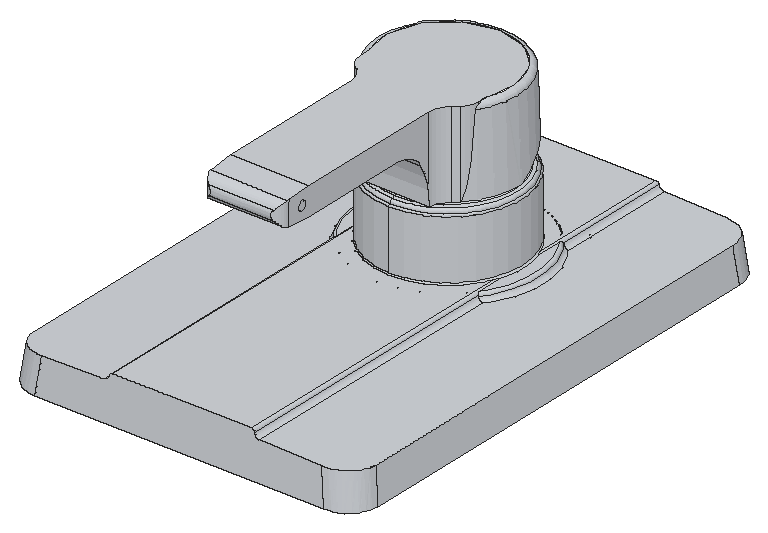
Revit family "Shower-Valve_Trim-KOHLER-Singulier-K-10880M", category Specialty Equipment, host Face, Revit 2017
Family settings
  Host = Face
  Round Connector Dimension = Use Diameter
  Part Type = Normal
  OmniClass Number = 23.31.25.00
  OmniClass Title = Toilet and Bath Specialties
  Cut with Voids When Loaded = No
  Shared = No
  Room Calculation Point = No
Parameters (values of type "CP- Polished Chrome")
  Width = 4 145/256"  # constant formula
  WaterSense Certified = 1 = 0  # no
  URL = "https://la.kohler.com/es?country=MX"
  Type = 1
  Product Page URL = "https://la.kohler.com/en/product-detail/10880m-4?skuid=K-10880M-4-CP"
  Product Name = "Singulier\r\n"  # constant formula
  Product Documentation Link = "http://resources.kohler.com/plumbing/kohlerla/pdf/10880T-4%20SINGULIER%20Spec%20Sheet.pdf"
  Model = if(Type = 1, "K-10880M-4-CP", "NA")  # "K-10880M-4-CP"
  Material = "Solid brass construction"  # constant formula
  Master Format 2014 Name = "Toilet, Bath, and Laundry Accessories"  # constant formula
  Master Format 2014 = "10 28 00"  # constant formula
  Manufacturer Address = "KOHLER Co. \n444 Highland Dr.\nKohler , WI 53044"  # constant formula
  Manufacturer = "KOHLER Co."  # constant formula
  Length = 2 167/256"  # constant formula
  Height = 6 177/256"  # constant formula
  Finish = Kohler-Metal-CP-Polished_Chrome
  Environmental Product Declaration = ""
  Description = "40 mm recessed shower face plate"  # constant formula
  Default Elevation = 42"
  Declare Label = ""
  Date Modified = "08/14/2020"  # constant formula
  Date Created = "08/14/2020"  # constant formula
  Copyright = "Copyright KOHLER Co."  # constant formula
  Contact Us = "https://la.kohler.com/es/contact-us-page"
  Assembly Code = "C1030200"
  ADA Compliant = 1 = 0  # no
Reference planes (in)
  plane 1 "Center (Front/Back)": y = 0
  plane 2: z = 0
  plane 3 "Center (Left/Right)": x = 0
  plane 4: y = 3.3457
  plane 5: y = -3.3457
  plane 6: x = -2.2832
  plane 7: x = 2.2832
  plane 8: z = 2.65234
  plane 9: y = 1.04331
  plane 10: y = -2.34252
Dimensions and locks (in)
  "Height": plane 5 to plane 4
  "Width": plane 6 to plane 7
  equal spacing: plane 5, plane 1 "Center (Front/Back)", plane 4
  equal spacing: plane 6, plane 3 "Center (Left/Right)", plane 7
  "Length": level to plane 8
  plane 9 to plane 10 = 3.38583"
  aligned and locked: plane 2 to host face
  aligned and locked: level to host face
  aligned and locked: plane 4 to nested 1
  aligned and locked: plane 5 to nested 1
  aligned and locked: plane 6 to nested 1
  aligned and locked: plane 7 to nested 1
  aligned and locked: plane 8 to nested 1
  aligned and locked: plane 9 to nested 1
  aligned and locked: plane 10 to nested 1
Automatic sketch dimensions
  host sketch curve to host sketch curve = 96"  (x2)
Nested families (in)
  nested 1: "K-10880M" at (0.00026, -0.00075, -0.00107), type "K-10880M"
Definition of nested family "K-10880M"
  Parameters (values of type "K-10880M")
    Material = none
  Reference planes (in)
    plane 1 "Center (Front/Back)": y = 0
    plane 2: z = 0
    plane 3 "Center (Left/Right)": x = 0
    plane 4: y = 3.34646
    plane 5: y = -3.34646
    plane 6: x = -2.28346
    plane 7: x = 2.28346
    plane 8 "1": y = 1.04331
    plane 9: z = 2.65341
    plane 10: y = -2.34252
  Forms (in)
    SweptBlend 1, solid, material <- "Material", detail levels medium+fine
      path origin (0, 0, 0) x (1, 0, 0) y (0, 0, 1)
        loop
          line (0, 0) -> (0, 0.59055)
      profile origin (0, 0, 0) x (-1, 0, 0) y (0, -1, 0)
        loop
          arc (1.88976, -3.34646) -> (2.16815, -3.23114) -> (2.28346, -2.95276) r 0.3937
          line (2.28346, -2.95276) -> (2.28346, 2.95276)
          arc (2.28346, 2.95276) -> (2.16815, 3.23114) -> (1.88976, 3.34646) r 0.3937
          line (1.88976, 3.34646) -> (-1.88976, 3.34646)
          arc (-1.88976, 3.34646) -> (-2.16815, 3.23114) -> (-2.28346, 2.95276) r 0.3937
          line (-2.28346, 2.95276) -> (-2.28346, -2.95276)
          arc (-2.28346, -2.95276) -> (-2.16815, -3.23114) -> (-1.88976, -3.34646) r 0.3937
          line (-1.88976, -3.34646) -> (1.88976, -3.34646)
      end profile origin (0, 0, 0.59055) x (-1, 0, 0) y (0, -1, 0)
        loop
          arc (1.81836, -3.29357) -> (2.09675, -3.17826) -> (2.21206, -2.89987) r 0.3937
          line (2.21206, -2.89987) -> (2.21206, 2.89961)
          arc (2.21206, 2.89961) -> (2.09675, 3.178) -> (1.81836, 3.29331) r 0.3937
          line (1.81836, 3.29331) -> (-1.81836, 3.29331)
          arc (-1.81836, 3.29331) -> (-2.09674, 3.178) -> (-2.21206, 2.89961) r 0.3937
          line (-2.21206, 2.89961) -> (-2.21206, -2.89987)
          arc (-2.21206, -2.89987) -> (-2.09674, -3.17826) -> (-1.81836, -3.29357) r 0.3937
          line (-1.81836, -3.29357) -> (1.81836, -3.29357)
    Extrusion 2, void
      sketch origin (0, 0, 0) x (1, 0, 0) y (0, 0, 1)
        loop
          line (2.59566, 0.4396) -> (2.59566, 0.75842) -> (-2.64178, 0.75842) -> (-2.64178, 0.43768)
          arc (-2.64178, 0.43768) -> (-1.83065, 0.4666) -> (-1.01922, 0.48503) r 62.75716
          arc (-1.01922, 0.48503) -> (-0.9708, 0.50351) -> (-0.94552, 0.54875) r 0.07592
          arc (-0.94552, 0.54875) -> (-0.93208, 0.5728) -> (-0.90633, 0.58261) r 0.04035
          arc (-0.90633, 0.58261) -> (-0.00003, 0.58972) -> (0.90627, 0.58265) r 57.92163
          arc (0.90627, 0.58265) -> (0.93326, 0.5723) -> (0.9472, 0.54697) r 0.04207
          arc (0.9472, 0.54697) -> (0.97136, 0.50303) -> (1.01817, 0.48504) r 0.073
          arc (1.01817, 0.48504) -> (1.80706, 0.46728) -> (2.59566, 0.4396) r 62.75716
      from -4.04299 to 3.66349
    Revolve 3, solid, material <- "Material", detail levels medium+fine
      sketch origin (0, 0, 0) x (0, 1, 0) y (0, 0, 1)
        loop
          arc (2.00787, 1.37323) -> (2.00235, 1.3889) -> (1.98822, 1.39764) r 0.02498
          arc (1.98822, 1.39764) -> (1.98062, 1.42785) -> (1.9552, 1.44585) r 0.04491
          line (1.9552, 1.44585) -> (1.90789, 1.45852)
          arc (1.90789, 1.45852) -> (1.8661, 1.48639) -> (1.84983, 1.53391) r 0.07833
          arc (1.84983, 1.53391) -> (1.61059, 2.09106) -> (1.04331, 2.30514) r 0.77455
          line (1.04331, 2.30514) -> (1.04331, 0.29362) -> (2.53985, 0.29362) -> (2.53985, 0.39443)
          arc (2.53985, 0.39443) -> (2.52867, 0.42524) -> (2.50033, 0.44169) r 0.04801
          line (2.50033, 0.44169) -> (2.29024, 0.47943)
          arc (2.29024, 0.47943) -> (2.24885, 0.50153) -> (2.22821, 0.54366) r 0.0763
          arc (2.22821, 0.54366) -> (2.21486, 0.56817) -> (2.18873, 0.578) r 0.04004
          arc (2.18873, 0.578) -> (2.10911, 0.57852) -> (2.02949, 0.57948) r 14.53707
          arc (2.02949, 0.57948) -> (2.01419, 0.58602) -> (2.00787, 0.60142) r 0.02194
          line (2.00787, 0.60142) -> (2.00787, 1.37323)
        axis (1.04331, 2.30514) -> (1.04331, 0.29362)
      angle from 0 to 360
    Revolve 4, solid, material <- "Material", detail levels medium+fine
      sketch origin (0, 0, 0) x (0, 1, 0) y (0, 0, 1)
        loop
          line (1.98166, 1.54134) -> (1.9515, 2.57742)
          arc (1.9515, 2.57742) -> (1.9278, 2.63129) -> (1.87326, 2.65341) r 0.07827
          line (1.87326, 2.65341) -> (1.03369, 2.65341) -> (1.03369, 1.54134) -> (1.98166, 1.54134)
        axis (1.03369, 2.65341) -> (1.03369, 1.54134)
      angle from 0 to 360
    Extrusion 5, void
      sketch origin (0, 0, 0) x (0, 1, 0) y (0, 0, 1)
        loop
          line (0.98895, 1.51482) -> (2.08275, 1.51482) -> (2.08275, 2.04836) -> (0.98895, 1.51482)
      from -1.19707 to 1.3425
    Revolve 6, solid, material <- "Material", detail levels medium+fine
      sketch origin (0, 0, 0) x (0, 1, 0) y (0, 0, 1)
        loop
          arc (2.02691, 2.26392) -> (1.99308, 2.37398) -> (1.89741, 2.43806) r 0.17206
          line (1.89741, 2.43806) -> (1.89741, 2.26392) -> (2.02691, 2.26392)
        axis (2.02691, 2.26392) -> (1.89741, 2.26392)
      angle from 0 to 360
    Extrusion 7, solid, material <- "Material", detail levels medium+fine
      sketch origin (0, 0, 0) x (1, 0, 0) y (0, 1, 0)
        loop
          line (-0.3492, -2.34638) -> (0.3492, -2.34638)
          arc (0.3492, -2.34638) -> (0.46056, -2.30026) -> (0.50668, -2.1889) r 0.15748
          line (0.50668, -2.1889) -> (0.50668, 0.07491)
          arc (0.50668, 0.07491) -> (0.53558, 0.20638) -> (0.61673, 0.31377) r 0.31496
          arc (0.61673, 0.31377) -> (0.655, 0.3484) -> (0.69132, 0.38506) r 0.94797
          arc (0.69132, 0.38506) -> (0.74784, 0.47419) -> (0.7676, 0.57786) r 0.28178
          line (0.7676, 0.57786) -> (0.7676, 0.87343) -> (-0.7676, 0.87343) -> (-0.7676, 0.57786)
          arc (-0.7676, 0.57786) -> (-0.74784, 0.47419) -> (-0.69132, 0.38506) r 0.28178
          arc (-0.69132, 0.38506) -> (-0.655, 0.3484) -> (-0.61673, 0.31377) r 0.94797
          arc (-0.61673, 0.31377) -> (-0.53552, 0.20623) -> (-0.50668, 0.07458) r 0.31496
          line (-0.50668, 0.07458) -> (-0.50668, -2.1889)
          arc (-0.50668, -2.1889) -> (-0.46056, -2.30026) -> (-0.3492, -2.34638) r 0.15748
      from 1.54134 to 2.65341
    Extrusion 8, void
      sketch origin (0, 0, 0) x (0, 1, 0) y (0, 0, 1)
        loop
          line (-1.86904, 2.65341) -> (-0.17696, 2.65341) -> (-0.17696, 3.25497) -> (-3.12972, 3.25497) -> (-3.12972, 1.4988) -> (0.10065, 1.4988)
          arc (0.10065, 1.4988) -> (0.07936, 1.79855) -> (-0.0351, 2.07641) r 0.94365
          arc (-0.0351, 2.07641) -> (-0.19524, 2.23019) -> (-0.41008, 2.2862) r 0.44002
          line (-0.41008, 2.2862) -> (-1.86428, 2.2862)
          arc (-1.86428, 2.2862) -> (-2.02747, 2.29303) -> (-2.18952, 2.31346) r 1.95379
          arc (-2.18952, 2.31346) -> (-2.26933, 2.34165) -> (-2.32618, 2.40435) r 0.17279
          arc (-2.32618, 2.40435) -> (-2.34252, 2.46937) -> (-2.32663, 2.5345) r 0.13944
          arc (-2.32663, 2.5345) -> (-2.27537, 2.59399) -> (-2.20307, 2.62464) r 0.17279
          arc (-2.20307, 2.62464) -> (-2.03668, 2.6462) -> (-1.86904, 2.65341) r 1.95379
      from -1.50105 to 1.75816
    Extrusion 9, void
      sketch origin (0, 0, 0) x (0, 1, 0) y (0, 0, 1)
        loop
          line (-0.43761, 1.90197) -> (-0.43761, 1.50827) -> (0.27954, 1.50827) -> (0.27954, 1.90197) -> (-0.43761, 1.90197)
      from -0.38902 to 0.31495
    Extrusion 10, solid, material <- "Material", detail levels coarse
      sketch origin (0, 0, 0) x (1, 0, 0) y (0, 1, 0)
        loop
          arc (-1.88976, 3.34646) -> (-2.16815, 3.23114) -> (-2.28346, 2.95276) r 0.3937
          line (-2.28346, 2.95276) -> (-2.28346, -2.95276)
          arc (-2.28346, -2.95276) -> (-2.16815, -3.23114) -> (-1.88976, -3.34646) r 0.3937
          line (-1.88976, -3.34646) -> (1.88976, -3.34646)
          arc (1.88976, -3.34646) -> (2.16815, -3.23114) -> (2.28346, -2.95276) r 0.3937
          line (2.28346, -2.95276) -> (2.28346, 2.95276)
          arc (2.28346, 2.95276) -> (2.16815, 3.23114) -> (1.88976, 3.34646) r 0.3937
          line (1.88976, 3.34646) -> (-1.88976, 3.34646)
      from 0 to 0.48477
    Extrusion 11, solid, material <- "Material", detail levels coarse
      sketch origin (0, 0, 0) x (1, 0, 0) y (0, 1, 0)
        loop
          line (-0.96455, 3.34646) -> (-0.96455, 1.78424)
          arc (-0.96455, 1.78424) -> (-1.17704, 1.03478) -> (-0.96455, 0.28532) r 1.42791
          line (-0.96455, 0.28532) -> (-0.96455, -3.34646) -> (0.96455, -3.34646) -> (0.96455, 0.32795)
          arc (0.96455, 0.32795) -> (1.17704, 1.07741) -> (0.96455, 1.82687) r 1.42791
          line (0.96455, 1.82687) -> (0.96455, 3.34646) -> (-0.96455, 3.34646)
      from 0 to 0.58977
    Revolve 12, solid, material <- "Material", detail levels coarse
      sketch origin (0, 0, 0) x (0, 1, 0) y (0, 0, 1)
        loop
          line (2.00787, 0.24445) -> (2.00787, 1.44167) -> (1.94437, 2.65341) -> (1.04331, 2.65341) -> (1.04331, 0.24445) -> (2.00787, 0.24445)
        axis (1.04331, 2.65341) -> (1.04331, 0.24445)
      angle from 0 to 360
    Extrusion 13, solid, material <- "Material", detail levels coarse
      sketch origin (0, 0, 0) x (0, 1, 0) y (0, 0, 1)
        loop
          line (0.64961, 2.2862) -> (0.64961, 2.65341) -> (-2.34252, 2.65341) -> (-2.34252, 2.2862) -> (0.64961, 2.2862)
      from -0.50668 to 0.50668
    Extrusion 14, solid, detail levels medium+fine
      sketch origin (0, 0, 0) x (0, 1, 0) y (0, 0, 1)
        loop
          circle (-1.98073, 2.46874) r 0.0565
      from 0.33928 to 0.507
    Extrusion 15, solid, detail levels medium+fine
      sketch origin (0, 0, 0) x (0, 1, 0) y (0, 0, -1)
        loop
          circle (-1.98073, -2.46874) r 0.0565
      from 0.33928 to 0.507
  Cuts and joins
    Extrusion 2, Extrusion 5 cuts SweptBlend 1
    Extrusion 5, Extrusion 9 cuts Revolve 4
    Extrusion 9 cuts Revolve 6
    Extrusion 8 cuts Extrusion 7
    joined: Revolve 3, Revolve 4, Revolve 6, Extrusion 7
    joined: Extrusion 10, Extrusion 11, Revolve 12, Extrusion 13
  Lines and regions (in)
    Masking region 1
      outline origin (0, 0, 0) x (1, 0, 0) y (0, 1, 0)
        loop
          arc (-1.89084, 3.34646) -> (-2.16847, 3.23146) -> (-2.28346, 2.95383) r 0.39263
          line (-2.28346, 2.95383) -> (-2.28346, -2.95383)
          arc (-2.28346, -2.95383) -> (-2.16847, -3.23146) -> (-1.89084, -3.34646) r 0.39263
          line (-1.89084, -3.34646) -> (1.89084, -3.34646)
          arc (1.89084, -3.34646) -> (2.16847, -3.23146) -> (2.28346, -2.95383) r 0.39263
          line (2.28346, -2.95383) -> (2.28346, 2.95383)
          arc (2.28346, 2.95383) -> (2.16847, 3.23146) -> (1.89084, 3.34646) r 0.39263
          line (1.89084, 3.34646) -> (-1.89084, 3.34646)
    Masking region 2
      outline origin (0, 0, 0) x (1, 0, 0) y (0, 0, 1)
        loop
          arc (0.96457, 1.37471) -> (0.95904, 1.39038) -> (0.94491, 1.39912) r 0.02498
          arc (0.94491, 1.39912) -> (0.93732, 1.42933) -> (0.91189, 1.44733) r 0.04491
          line (0.91189, 1.44733) -> (0.86458, 1.46001)
          arc (0.86458, 1.46001) -> (0.82102, 1.49026) -> (0.80673, 1.54134) r 0.07833
          line (0.80673, 1.54134) -> (0.94797, 1.54134) -> (0.91781, 2.57742)
          arc (0.91781, 2.57742) -> (0.89411, 2.63129) -> (0.83957, 2.65341) r 0.07827
          line (0.83957, 2.65341) -> (0, 2.65341) -> (-0.83957, 2.65341)
          arc (-0.83957, 2.65341) -> (-0.89411, 2.63129) -> (-0.91781, 2.57742) r 0.07827
          line (-0.91781, 2.57742) -> (-0.94797, 1.54134) -> (-0.80673, 1.54134)
          arc (-0.80673, 1.54134) -> (-0.82102, 1.49026) -> (-0.86458, 1.46001) r 0.07833
          line (-0.86458, 1.46001) -> (-0.91189, 1.44733)
          arc (-0.91189, 1.44733) -> (-0.93732, 1.42933) -> (-0.94491, 1.39912) r 0.04491
          arc (-0.94491, 1.39912) -> (-0.95904, 1.39038) -> (-0.96457, 1.37471) r 0.02498
          line (-0.96457, 1.37471) -> (-0.96457, 0.6029)
          arc (-0.96457, 0.6029) -> (-0.97088, 0.5875) -> (-0.98619, 0.58096) r 0.02194
          arc (-0.98619, 0.58096) -> (-1.0658, 0.58) -> (-1.14543, 0.57948) r 14.53707
          arc (-1.14543, 0.57948) -> (-1.17155, 0.56965) -> (-1.1849, 0.54514) r 0.04004
          arc (-1.1849, 0.54514) -> (-1.20554, 0.50301) -> (-1.24693, 0.48091) r 0.0763
          arc (-1.24693, 0.48091) -> (-1.71337, 0.46979) -> (-2.17972, 0.45541) r 67.07927
          arc (-2.17972, 0.45541) -> (-2.21638, 0.44042) -> (-2.23447, 0.40518) r 0.05713
          line (-2.23447, 0.40518) -> (-2.28346, 0) -> (0, 0) -> (2.28346, 0) -> (2.23447, 0.40518)
          arc (2.23447, 0.40518) -> (2.21638, 0.44042) -> (2.17972, 0.45541) r 0.05713
          arc (2.17972, 0.45541) -> (1.71337, 0.46979) -> (1.24693, 0.48091) r 67.07927
          arc (1.24693, 0.48091) -> (1.20554, 0.50301) -> (1.1849, 0.54514) r 0.0763
          arc (1.1849, 0.54514) -> (1.17155, 0.56965) -> (1.14543, 0.57948) r 0.04004
          arc (1.14543, 0.57948) -> (1.0658, 0.58) -> (0.98619, 0.58096) r 14.53707
          arc (0.98619, 0.58096) -> (0.97088, 0.5875) -> (0.96457, 0.6029) r 0.02194
          line (0.96457, 0.6029) -> (0.96457, 1.37471)
    Masking region 3
      outline origin (0, 0, 0) x (0, 1, 0) y (0, 0, 1)
        loop
          line (-3.29836, 0.5344) -> (-3.34646, 0) -> (3.34646, 0) -> (3.29851, 0.53543)
          arc (3.29851, 0.53543) -> (3.27936, 0.57411) -> (3.23913, 0.58972) r 0.05961
          line (3.23913, 0.58972) -> (2.00787, 0.58972) -> (2.00787, 1.37323)
          arc (2.00787, 1.37323) -> (2.00262, 1.38912) -> (1.98822, 1.39764) r 0.02384
          arc (1.98822, 1.39764) -> (1.98047, 1.4279) -> (1.95494, 1.44592) r 0.04522
          line (1.95494, 1.44592) -> (1.90797, 1.4585)
          arc (1.90797, 1.4585) -> (1.86561, 1.48683) -> (1.8493, 1.53511) r 0.07916
          arc (1.8493, 1.53511) -> (1.82707, 1.71869) -> (1.761, 1.89142) r 0.75735
          line (1.761, 1.89142) -> (1.96852, 1.99264) -> (1.96472, 2.124)
          arc (1.96472, 2.124) -> (2.02794, 2.2691) -> (1.95643, 2.41029) r 0.18585
          line (1.95643, 2.41029) -> (1.95159, 2.57742)
          arc (1.95159, 2.57742) -> (1.9279, 2.63128) -> (1.87337, 2.65341) r 0.07825
          line (1.87337, 2.65341) -> (-1.86904, 2.65341)
          arc (-1.86904, 2.65341) -> (-2.03668, 2.6462) -> (-2.20307, 2.62464) r 1.95379
          arc (-2.20307, 2.62464) -> (-2.27537, 2.59399) -> (-2.32663, 2.5345) r 0.17279
          arc (-2.32663, 2.5345) -> (-2.34252, 2.46937) -> (-2.32618, 2.40435) r 0.13944
          arc (-2.32618, 2.40435) -> (-2.26933, 2.34165) -> (-2.18952, 2.31346) r 0.17279
          arc (-2.18952, 2.31346) -> (-2.02747, 2.29303) -> (-1.86428, 2.2862) r 1.95379
          line (-1.86428, 2.2862) -> (-0.41008, 2.2862)
          arc (-0.41008, 2.2862) -> (-0.19524, 2.23019) -> (-0.0351, 2.07641) r 0.44002
          arc (-0.0351, 2.07641) -> (0.07424, 1.81925) -> (0.10348, 1.54134) r 0.94365
          line (0.10348, 1.54134) -> (0.23706, 1.54134)
          arc (0.23706, 1.54134) -> (0.22285, 1.48935) -> (0.17864, 1.4585) r 0.07916
          line (0.17864, 1.4585) -> (0.13167, 1.44592)
          arc (0.13167, 1.44592) -> (0.10615, 1.4279) -> (0.09839, 1.39764) r 0.04522
          arc (0.09839, 1.39764) -> (0.08399, 1.38912) -> (0.07874, 1.37323) r 0.02384
          line (0.07874, 1.37323) -> (0.07874, 0.58972) -> (-3.23783, 0.58972)
          arc (-3.23783, 0.58972) -> (-3.27883, 0.57381) -> (-3.29836, 0.5344) r 0.06077
    symbolic lines, detail levels medium+fine
      curve 1: line (0.50668, -2.22441, 0) -> (0.50668, 0.07388, 0)
      curve 2: line (-0.50668, 0.07347, 0) -> (-0.50668, -2.22441, 0)
      curve 3: line (-0.38857, -2.34252, 0) -> (0.38857, -2.34252, 0)
      curve 4: arc (-0.50668, -2.22441, 0) -> (-0.47209, -2.30793, 0) -> (-0.38857, -2.34252, 0) r 0.11811
      curve 5: arc (0.38857, -2.34252, 0) -> (0.47209, -2.30793, 0) -> (0.50668, -2.22441, 0) r 0.11811
      curve 6: line (-2.2286, -2.92005, 0) -> (-2.2286, 2.92005, 0)
      curve 7: spline (-2.2286, 2.92005, 0) -> (-2.2242, 2.97066, 0) -> (-2.21331, 3.02028, 0) -> (-2.19611, 3.06808, 0) -> (-2.17291, 3.11327, 0) -> (-2.14407, 3.15508, 0) -> (-2.11009, 3.19283, 0) -> (-2.07152, 3.22587, 0) -> (-2.02902, 3.25367, 0) -> (-1.98329, 3.27576, 0) -> (-1.9351, 3.29177, 0) -> (-1.88525, 3.30142, 0) -> (-1.83456, 3.30457, 0)
      curve 8: spline (-1.83456, 3.30468, 0) -> (-1.76664, 3.30451, 0) -> (-1.69871, 3.30434, 0) -> (-1.63078, 3.30418, 0) -> (-1.56285, 3.30402, 0) -> (-1.49492, 3.30387, 0) -> (-1.42699, 3.30373, 0) -> (-1.35905, 3.3036, 0) -> (-1.29111, 3.30347, 0) -> (-1.22317, 3.30335, 0) -> (-1.15523, 3.30323, 0) -> (-1.08729, 3.30312, 0) -> (-1.01935, 3.30302, 0)
      curve 9: spline (-1.01935, 3.30302, 0) -> (-1.01053, 3.30296, 0) -> (-1.00184, 3.30281, 0) -> (-0.99341, 3.30257, 0) -> (-0.98535, 3.30225, 0) -> (-0.97777, 3.30184, 0) -> (-0.97076, 3.30136, 0) -> (-0.96443, 3.30081, 0) -> (-0.95886, 3.3002, 0) -> (-0.95412, 3.29953, 0) -> (-0.95029, 3.29882, 0) -> (-0.94741, 3.29807, 0) -> (-0.94551, 3.2973, 0)
      curve 10: spline (-0.94551, 3.29731, 0) -> (-0.9445, 3.2969, 0) -> (-0.94297, 3.29651, 0) -> (-0.94092, 3.29613, 0) -> (-0.93841, 3.29578, 0) -> (-0.93544, 3.29545, 0) -> (-0.93208, 3.29516, 0) -> (-0.92835, 3.2949, 0) -> (-0.92432, 3.29469, 0) -> (-0.92004, 3.29452, 0) -> (-0.91556, 3.29439, 0) -> (-0.91094, 3.29431, 0) -> (-0.90626, 3.29428, 0)
      curve 11: spline (-0.90626, 3.29428, 0) -> (-0.75523, 3.29409, 0) -> (-0.6042, 3.29393, 0) -> (-0.45316, 3.2938, 0) -> (-0.30212, 3.29371, 0) -> (-0.15107, 3.29366, 0) -> (-0.00003, 3.29364, 0) -> (0.15102, 3.29366, 0) -> (0.30206, 3.29371, 0) -> (0.4531, 3.2938, 0) -> (0.60414, 3.29392, 0) -> (0.75517, 3.29408, 0) -> (0.9062, 3.29428, 0)
      curve 12: spline (0.9062, 3.29428, 0) -> (0.91112, 3.29431, 0) -> (0.91596, 3.29439, 0) -> (0.92066, 3.29453, 0) -> (0.92515, 3.29471, 0) -> (0.92937, 3.29493, 0) -> (0.93326, 3.2952, 0) -> (0.93678, 3.29551, 0) -> (0.93987, 3.29586, 0) -> (0.94248, 3.29623, 0) -> (0.9446, 3.29663, 0) -> (0.94617, 3.29704, 0) -> (0.94719, 3.29747, 0)
      curve 13: spline (0.9472, 3.29747, 0) -> (0.94896, 3.29821, 0) -> (0.95168, 3.29894, 0) -> (0.95534, 3.29963, 0) -> (0.95988, 3.30027, 0) -> (0.96523, 3.30087, 0) -> (0.97133, 3.30141, 0) -> (0.97809, 3.30187, 0) -> (0.98541, 3.30227, 0) -> (0.9932, 3.30258, 0) -> (1.00136, 3.30282, 0) -> (1.00976, 3.30296, 0) -> (1.01829, 3.30302, 0)
      curve 14: spline (1.01829, 3.30302, 0) -> (1.08633, 3.30312, 0) -> (1.15436, 3.30323, 0) -> (1.22238, 3.30334, 0) -> (1.29041, 3.30347, 0) -> (1.35844, 3.3036, 0) -> (1.42646, 3.30373, 0) -> (1.49448, 3.30387, 0) -> (1.5625, 3.30402, 0) -> (1.63052, 3.30418, 0) -> (1.69854, 3.30434, 0) -> (1.76655, 3.30451, 0) -> (1.83456, 3.30468, 0)
      curve 15: spline (1.83456, 3.30457, 0) -> (1.88524, 3.30142, 0) -> (1.9351, 3.29177, 0) -> (1.98329, 3.27576, 0) -> (2.02901, 3.25367, 0) -> (2.07151, 3.22587, 0) -> (2.11008, 3.19282, 0) -> (2.14406, 3.15507, 0) -> (2.1729, 3.11325, 0) -> (2.19611, 3.06807, 0) -> (2.2133, 3.02026, 0) -> (2.22419, 2.97064, 0) -> (2.2286, 2.92003, 0)
      curve 16: line (2.2286, 2.92003, 0) -> (2.2286, -2.92005, 0)
      curve 17: spline (-2.2286, -2.92005, 0) -> (-2.2242, -2.97066, 0) -> (-2.21331, -3.02028, 0) -> (-2.19611, -3.06808, 0) -> (-2.17291, -3.11327, 0) -> (-2.14407, -3.15508, 0) -> (-2.11009, -3.19283, 0) -> (-2.07152, -3.22587, 0) -> (-2.02902, -3.25367, 0) -> (-1.98329, -3.27576, 0) -> (-1.9351, -3.29177, 0) -> (-1.88525, -3.30142, 0) -> (-1.83456, -3.30457, 0)
      curve 18: spline (-1.83456, -3.30468, 0) -> (-1.76664, -3.30451, 0) -> (-1.69871, -3.30434, 0) -> (-1.63078, -3.30418, 0) -> (-1.56285, -3.30402, 0) -> (-1.49492, -3.30387, 0) -> (-1.42699, -3.30373, 0) -> (-1.35905, -3.3036, 0) -> (-1.29111, -3.30347, 0) -> (-1.22317, -3.30335, 0) -> (-1.15523, -3.30323, 0) -> (-1.08729, -3.30312, 0) -> (-1.01935, -3.30302, 0)
      curve 19: spline (-1.01935, -3.30302, 0) -> (-1.01053, -3.30296, 0) -> (-1.00184, -3.30281, 0) -> (-0.99341, -3.30257, 0) -> (-0.98535, -3.30225, 0) -> (-0.97777, -3.30184, 0) -> (-0.97076, -3.30136, 0) -> (-0.96443, -3.30081, 0) -> (-0.95886, -3.3002, 0) -> (-0.95412, -3.29953, 0) -> (-0.95029, -3.29882, 0) -> (-0.94741, -3.29807, 0) -> (-0.94551, -3.2973, 0)
      curve 20: spline (-0.94551, -3.29731, 0) -> (-0.9445, -3.2969, 0) -> (-0.94297, -3.29651, 0) -> (-0.94092, -3.29613, 0) -> (-0.93841, -3.29578, 0) -> (-0.93544, -3.29545, 0) -> (-0.93208, -3.29516, 0) -> (-0.92835, -3.2949, 0) -> (-0.92432, -3.29469, 0) -> (-0.92004, -3.29452, 0) -> (-0.91556, -3.29439, 0) -> (-0.91094, -3.29431, 0) -> (-0.90626, -3.29428, 0)
      curve 21: spline (-0.90626, -3.29428, 0) -> (-0.75523, -3.29409, 0) -> (-0.6042, -3.29393, 0) -> (-0.45316, -3.2938, 0) -> (-0.30212, -3.29371, 0) -> (-0.15107, -3.29366, 0) -> (-0.00003, -3.29364, 0) -> (0.15102, -3.29366, 0) -> (0.30206, -3.29371, 0) -> (0.4531, -3.2938, 0) -> (0.60414, -3.29392, 0) -> (0.75517, -3.29408, 0) -> (0.9062, -3.29428, 0)
      curve 22: spline (0.9062, -3.29428, 0) -> (0.91112, -3.29431, 0) -> (0.91596, -3.29439, 0) -> (0.92066, -3.29453, 0) -> (0.92515, -3.29471, 0) -> (0.92937, -3.29493, 0) -> (0.93326, -3.2952, 0) -> (0.93678, -3.29551, 0) -> (0.93987, -3.29586, 0) -> (0.94248, -3.29623, 0) -> (0.9446, -3.29663, 0) -> (0.94617, -3.29704, 0) -> (0.94719, -3.29747, 0)
      curve 23: spline (0.9472, -3.29747, 0) -> (0.94896, -3.29821, 0) -> (0.95168, -3.29894, 0) -> (0.95534, -3.29963, 0) -> (0.95988, -3.30027, 0) -> (0.96523, -3.30087, 0) -> (0.97133, -3.30141, 0) -> (0.97809, -3.30187, 0) -> (0.98541, -3.30227, 0) -> (0.9932, -3.30258, 0) -> (1.00136, -3.30282, 0) -> (1.00976, -3.30296, 0) -> (1.01829, -3.30302, 0)
      curve 24: spline (1.01829, -3.30302, 0) -> (1.08633, -3.30312, 0) -> (1.15436, -3.30323, 0) -> (1.22238, -3.30334, 0) -> (1.29041, -3.30347, 0) -> (1.35844, -3.3036, 0) -> (1.42646, -3.30373, 0) -> (1.49448, -3.30387, 0) -> (1.5625, -3.30402, 0) -> (1.63052, -3.30418, 0) -> (1.69854, -3.30434, 0) -> (1.76655, -3.30451, 0) -> (1.83456, -3.30468, 0)
      curve 25: spline (1.83456, -3.30457, 0) -> (1.88524, -3.30142, 0) -> (1.93509, -3.29177, 0) -> (1.98328, -3.27576, 0) -> (2.02901, -3.25367, 0) -> (2.07151, -3.22587, 0) -> (2.11007, -3.19283, 0) -> (2.14405, -3.15508, 0) -> (2.17289, -3.11327, 0) -> (2.1961, -3.06808, 0) -> (2.2133, -3.02028, 0) -> (2.22419, -2.97066, 0) -> (2.2286, -2.92005, 0)
      curve 26: arc (0.6337, 0.36693, 0) -> (0.00014, 1.97016, 0) -> (-0.63391, 0.36712, 0) r 0.92685
      curve 27: arc (-0.63391, 0.36712, 0) -> (-0.53986, 0.23348, 0) -> (-0.50668, 0.07347, 0) r 0.40252
      curve 28: arc (0.50668, 0.07388, 0) -> (0.5398, 0.23358, 0) -> (0.6337, 0.36693, 0) r 0.40157
      curve 29: arc (0.56353, 0.21245, 0) -> (0, 2.04724, 0) -> (-0.56353, 0.21245, 0) r 1.00394
      curve 30: arc (-0.56353, 0.21245, 0) -> (-0.51879, 0.13552, 0) -> (-0.50668, 0.04735, 0) r 0.22945
      curve 31: arc (0.56353, 0.21245, 0) -> (0.51879, 0.13552, 0) -> (0.50668, 0.04734, 0) r 0.22945
      curve 32: arc (-0.13452, 1.97016, 0) -> (0, 2.02876, 0) -> (0.13452, 1.97016, 0) r 0.1837
      curve 33: line (0.13452, 1.97016, 0) -> (-0.13452, 1.97016, 0)
      curve 34: line (-0.90913, 3.29433, 0) -> (-0.90913, 1.8773, 0)
      curve 35: arc (-0.94753, 1.72659, 0) -> (-1.12162, 1.04331, 0) -> (-0.94753, 0.36003, 0) r 1.42791
      curve 36: line (-0.90913, 0.20932, 0) -> (-0.90913, -3.29433, 0)
      curve 37: arc (-0.94753, 0.36003, 0) -> (-0.91888, 0.28708, 0) -> (-0.90913, 0.20932, 0) r 0.31496
      curve 38: arc (-0.90913, 1.8773, 0) -> (-0.91888, 1.79953, 0) -> (-0.94753, 1.72659, 0) r 0.31496
      curve 39: line (0.90913, 3.29433, 0) -> (0.90913, 1.8773, 0)
      curve 40: arc (0.94753, 1.72659, 0) -> (1.12162, 1.04331, 0) -> (0.94753, 0.36003, 0) r 1.42791
      curve 41: line (0.90913, 0.20932, 0) -> (0.90913, -3.29433, 0)
      curve 42: arc (0.94753, 0.36003, 0) -> (0.91888, 0.28708, 0) -> (0.90913, 0.20932, 0) r 0.31496
      curve 43: arc (0.90913, 1.8773, 0) -> (0.91888, 1.79953, 0) -> (0.94753, 1.72659, 0) r 0.31496
      curve 44: line (-2.2286, -2.92005, 0) -> (-2.28346, -2.95383, 0)
      curve 45: line (-1.88976, -3.34646, 0) -> (-1.83456, -3.30457, 0)
      curve 46: line (2.2286, -2.92005, 0) -> (2.28346, -2.95383, 0)
      curve 47: line (1.88976, -3.34646, 0) -> (1.83456, -3.30457, 0)
      curve 48: line (-2.2286, 2.92005, 0) -> (-2.28346, 2.95383, 0)
      curve 49: line (-1.88976, 3.34646, 0) -> (-1.83456, 3.30457, 0)
      curve 50: line (2.2286, 2.92005, 0) -> (2.28346, 2.95383, 0)
      curve 51: line (1.88976, 3.34646, 0) -> (1.83456, 3.30457, 0)
      curve 52: spline (0.15181, 0, 2.26715) -> (0.14663, 0, 2.3042) -> (0.13146, 0, 2.33872) -> (0.10733, 0, 2.36837) -> (0.07588, 0, 2.39112) -> (0.03925, 0, 2.40542) -> (-0.00005, 0, 2.4103) -> (-0.03936, 0, 2.40542) -> (-0.07598, 0, 2.39112) -> (-0.10743, 0, 2.36837) -> (-0.13157, 0, 2.33872) -> (-0.14674, 0, 2.3042) -> (-0.15191, 0, 2.26715) -> (-0.14674, 0, 2.23009) -> (-0.13157, 0, 2.19557) -> (-0.10743, 0, 2.16592) -> (-0.07598, 0, 2.14317) -> (-0.03936, 0, 2.12887) -> (-0.00005, 0, 2.12399) -> (0.03925, 0, 2.12887) -> (0.07588, 0, 2.14317) -> (0.10733, 0, 2.16592) -> (0.13146, 0, 2.19557) -> (0.14663, 0, 2.23009) -> (0.15181, 0, 2.26715)
      curve 53: spline (0.94791, 0, 1.54142) -> (0.94385, 0, 1.59782) -> (0.92326, 0, 1.65354) -> (0.88647, 0, 1.70765) -> (0.8341, 0, 1.75926) -> (0.767, 0, 1.80752) -> (0.68628, 0, 1.85165) -> (0.59326, 0, 1.89091) -> (0.48948, 0, 1.92465) -> (0.37665, 0, 1.95233) -> (0.25661, 0, 1.97349) -> (0.13134, 0, 1.98777) -> (0.00292, 0, 1.99495)
      curve 54: spline (0.00292, 0, 1.99495) -> (-0.1263, 0, 1.98777) -> (-0.25234, 0, 1.97349) -> (-0.37311, 0, 1.95233) -> (-0.48665, 0, 1.92465) -> (-0.59106, 0, 1.89091) -> (-0.68465, 0, 1.85165) -> (-0.76587, 0, 1.80752) -> (-0.83338, 0, 1.75926) -> (-0.88608, 0, 1.70765) -> (-0.92309, 0, 1.65354) -> (-0.94381, 0, 1.59782) -> (-0.94789, 0, 1.54142)
      curve 55: spline (0.80663, 0, 1.54134) -> (0.79896, 0, 1.5872) -> (0.77776, 0, 1.63224) -> (0.74337, 0, 1.67569) -> (0.69639, 0, 1.7168) -> (0.63761, 0, 1.75489) -> (0.56802, 0, 1.7893) -> (0.48882, 0, 1.81945) -> (0.40134, 0, 1.84483) -> (0.30708, 0, 1.865) -> (0.20763, 0, 1.87963) -> (0.10469, 0, 1.88846) -> (0, 0, 1.89134)
      curve 56: spline (0, 0, 1.89134) -> (-0.10469, 0, 1.88846) -> (-0.20763, 0, 1.87963) -> (-0.30708, 0, 1.865) -> (-0.40134, 0, 1.84483) -> (-0.48882, 0, 1.81945) -> (-0.56802, 0, 1.7893) -> (-0.63761, 0, 1.75489) -> (-0.69639, 0, 1.7168) -> (-0.74337, 0, 1.67569) -> (-0.77776, 0, 1.63224) -> (-0.79896, 0, 1.5872) -> (-0.80663, 0, 1.54134)
      curve 57: line (0.94491, 0, 1.39764) -> (-0.94491, 0, 1.39764)
      curve 58: arc (-0.90804, 0, 0.58259) -> (-0.00088, 0, 0.58972) -> (0.90627, 0, 0.58265) r 57.92163
      curve 59: arc (1.12666, 0, 0.48287) -> (1.18472, 0, 0.4818) -> (1.24278, 0, 0.48068) r 62.75716
      curve 60: arc (0.9472, 0, 0.54697) -> (0.97126, 0, 0.50312) -> (1.01789, 0, 0.48505) r 0.073
      curve 61: arc (0.90627, 0, 0.58265) -> (0.93326, 0, 0.5723) -> (0.9472, 0, 0.54697) r 0.04207
      curve 62: line (1.12666, 0, 0.48287) -> (1.01789, 0, 0.48505)
      curve 63: arc (-1.12666, 0, 0.48287) -> (-1.18472, 0, 0.4818) -> (-1.24278, 0, 0.48068) r 62.75716
      curve 64: arc (-0.9472, 0, 0.54697) -> (-0.97126, 0, 0.50312) -> (-1.01789, 0, 0.48505) r 0.073
      curve 65: arc (-0.90804, 0, 0.58259) -> (-0.93392, 0, 0.57171) -> (-0.9472, 0, 0.54697) r 0.04207
      curve 66: line (-1.12666, 0, 0.48287) -> (-1.01789, 0, 0.48505)
      curve 67: line (0.90627, 0, 0.58265) -> (0.98623, 0, 0.58096)
      curve 68: line (-0.90627, 0, 0.58265) -> (-0.98623, 0, 0.58096)
      curve 69: arc (-0.29003, 0, -38.78264) -> (0.00052, 0, -38.78035) -> (0.29108, 0, -38.78262) r 18.55155
      curve 70: line (0, 1.98822, 1.39764) -> (0, 0.09839, 1.39764)
      curve 71: line (0, 1.761, 1.89142) -> (0, 1.04331, 1.54134)
      curve 72: line (0, 1.04331, 1.54134) -> (0, 0.23684, 1.54134)
      curve 73: arc (0, 1.95643, 2.41029) -> (0, 1.9417, 2.2666) -> (0, 1.96472, 2.124) r 0.55241
      curve 74: spline (0, 2.91299, 0.45372) -> (0, 2.95439, 0.45392) -> (0, 2.99531, 0.45425) -> (0, 3.0353, 0.45469) -> (0, 3.0739, 0.45526) -> (0, 3.1107, 0.45593) -> (0, 3.14529, 0.45671) -> (0, 3.17727, 0.45758) -> (0, 3.20629, 0.45854) -> (0, 3.23204, 0.45957) -> (0, 3.25422, 0.46067) -> (0, 3.27259, 0.46181) -> (0, 3.28694, 0.46299)
      curve 75: line (0, -2.91973, 0.45372) -> (0, 2.91299, 0.45372)
      curve 76: spline (0, -3.27206, 0.46139) -> (0, -3.25561, 0.46031) -> (0, -3.23606, 0.45928) -> (0, -3.21357, 0.45831) -> (0, -3.18835, 0.45742) -> (0, -3.16062, 0.45661) -> (0, -3.13065, 0.45589) -> (0, -3.09869, 0.45526) -> (0, -3.06503, 0.45473) -> (0, -3.02999, 0.45431) -> (0, -2.99387, 0.454) -> (0, -2.95701, 0.4538) -> (0, -2.91973, 0.45372)
      curve 77: arc (0, -3.27206, 0.46139) -> (0, -3.2885, 0.46248) -> (0, -3.30447, 0.46652) r 0.09079
      curve 78: arc (0, 3.26867, 0.46154) -> (0, 3.28693, 0.46225) -> (0, 3.30467, 0.46659) r 0.09079
      curve 79: line (0, 2.00787, 0.58972) -> (0, 0.07874, 0.58972)
      curve 80: line (-2.23447, 0, 0.40518) -> (2.23447, 0, 0.40518)
      curve 81: line (-1.01789, 0, 0.48505) -> (1.01789, 0, 0.48505)
      curve 82: circle (0, -1.98073, 2.46874) r 0.0565 normal (-1, 0, 0)
  Dimensions and locks (in)
    plane 4 to plane 5 = 6.69291"
    plane 6 to plane 7 = 4.56693"
    plane 9 to level = 2.65341"
    plane 10 to plane 8 "1" = 3.38583"
    aligned and locked: plane 2 to level
